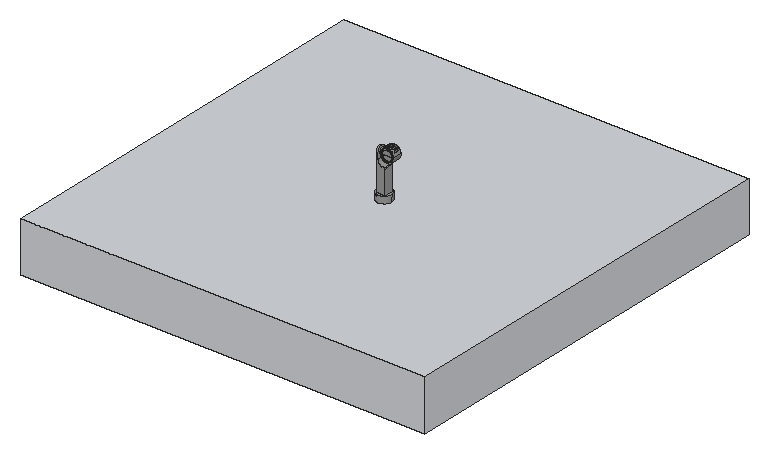
Revit family "LAMP_MICROSHOT GEAR", category Modelos genéricos, Revit 2015
Parameters (values of type "609LM 3000 MEDIUM FLOOD GR")
  Weight = 1.324 kg
  Type = "HI POWER NICHIA"
  Tilting [instance] = 0.00°
  Protection rating = "IP65 / IK06"
  Product datasheet = "http://www.lamp.es/product-files/TECH/MC209MF830NG-EN.pdf"
  Product code = "MC209MF830NG"
  Product URL = "http://www.lamp.es/en/family/shot_33486"
  Power Supply = "220-240V 50/60Hz"
  Power = 6 W
  Plum = 9.4 W
  Photometric web file = Cabeza Microshot : 609LM 3000 MEDIUM FLOOD
  Modelo = Product code  # "MC209MF830NG"
  Model explanation = "Availability of tilting between -30º and 90º when placed in a project."
  Material cuerpo = LAMP_Aluminio Shot
  Material cabeza = LAMP_Aluminio Shot
  Manufacturer name = "LAMP"
  Manufacturer country = "Spain"
  Manufacturer URL = "http://www.lamp.es/en"
  MacAdam = "3"
  Luminaire type = "Outdoor - Spotlight"
  Last update = "11/04/2019"
  Lamp = "HIGH POWER LED"
  LED Lifetime = "60.000 L90 B10"
  Insulation class = "II"
  Installation instructions = "http://www.lamp.es/product-files/INS/1003120-C-INSTR.%20MICRO%20SHOT.pdf"
  Initial intensity = 609 lm
  Initial color = 3000 K
  IEE = "A+"
  Height = 296 mm
  Gear = "Electronic"
  Finish = "Texturised grey"
  Fabricante = Manufacturer name  # "LAMP"
  Default Elevation = 1219.2 mm
  Efficacy = 64.8 lm/W
  Diameter = 80 mm
  Descripción = "MICRO SHOT G2 900 WW MFL GR."
  Comentarios de tipo = Model explanation  # "Availability of tilting between -30º and 90º when placed in a project."
  CRI = "80"
  Angulo inclinacion [instance] = if(Tilting > 90.00°, 180.00°, if(Tilting < -30.00°, 300.00°, -Tilting + 270.00°))  # 270.00°
Types (8, lengths in mm): name | Product datasheet | Product code | Photometric web file | Modelo | Material cuerpo | Material cabeza | Initial intensity | Initial color | Finish | Efficacy | Descripción
  609LM 3000 MEDIUM FLOOD ANT | "http://www.lamp.es/product-files/TECH/MC209MF830NA-EN.pdf" | "MC209MF830NA" | Cabeza Microshot : 609LM 3000 MEDIUM FLOOD | "MC209MF830NA" | LAMP_Aluminio Shot Antracita | LAMP_Aluminio Shot Antracita | 609 lm | 3000 K | "Textured anthracite grey" | 64.8 lm/W | "MICRO SHOT G2 900 WW MFL ANT."
  609LM 3000 MEDIUM FLOOD GR | "http://www.lamp.es/product-files/TECH/MC209MF830NG-EN.pdf" | "MC209MF830NG" | Cabeza Microshot : 609LM 3000 MEDIUM FLOOD | "MC209MF830NG" | LAMP_Aluminio Shot | LAMP_Aluminio Shot | 609 lm | 3000 K | "Texturised grey" | 64.8 lm/W | "MICRO SHOT G2 900 WW MFL GR."
  609LM 4000 MEDIUM FLOOD ANT | "http://www.lamp.es/product-files/TECH/MC209MF840NA-EN.pdf" | "MC209MF840NA" | Cabeza Microshot : 609LM 4000 MEDIUM FLOOD | "MC209MF840NA" | LAMP_Aluminio Shot Antracita | LAMP_Aluminio Shot Antracita | 609 lm | 4000 K | "Textured anthracite grey" | 64.8 lm/W | "MICRO SHOT G2 900 NW MFL ANT."
  609LM 4000 MEDIUM FLOOD GR | "http://www.lamp.es/product-files/TECH/MC209MF840NG-EN.pdf" | "MC209MF840NG" | Cabeza Microshot : 609LM 4000 MEDIUM FLOOD | "MC209MF840NG" | LAMP_Aluminio Shot | LAMP_Aluminio Shot | 609 lm | 4000 K | "Texturised grey" | 64.8 lm/W | "MICRO SHOT G2 900 NW MFL GR."
  720LM 3000 SPOT ANT | "http://www.lamp.es/product-files/TECH/MC209SP830NA-EN.pdf" | "MC209SP830NA" | Cabeza Microshot : 720LM 3000 SPOT | "MC209SP830NA" | LAMP_Aluminio Shot Antracita | LAMP_Aluminio Shot Antracita | 720 lm | 3000 K | "Textured anthracite grey" | 76.6 lm/W | "MICRO SHOT G2 900 WW SP ANT."
  720LM 3000 SPOT GR | "http://www.lamp.es/product-files/TECH/MC209SP830NG-EN.pdf" | "MC209SP830NG" | Cabeza Microshot : 720LM 3000 SPOT | "MC209SP830NG" | LAMP_Aluminio Shot | LAMP_Aluminio Shot | 720 lm | 3000 K | "Texturised grey" | 76.6 lm/W | "MICRO SHOT G2 900 WW SP GR."
  720LM 4000 SPOT ANT | "http://www.lamp.es/product-files/TECH/MC209SP840NA-EN.pdf" | "MC209SP840NA" | Cabeza Microshot : 720LM 4000 SPOT | "MC209SP840NA" | LAMP_Aluminio Shot Antracita | LAMP_Aluminio Shot Antracita | 720 lm | 4000 K | "Textured anthracite grey" | 76.6 lm/W | "MICRO SHOT G2 900 NW SP ANT."
  720LM 4000 SPOT GR | "http://www.lamp.es/product-files/TECH/MC209SP840NG-EN.pdf" | "MC209SP840NG" | Cabeza Microshot : 720LM 4000 SPOT | "MC209SP840NG" | LAMP_Aluminio Shot | LAMP_Aluminio Shot | 720 lm | 4000 K | "Texturised grey" | 76.6 lm/W | "MICRO SHOT G2 900 NW SP GR."
Reference planes
  plane 1 "Centro (Frontal/Posterior)": y = 0
  plane 2: z = 0
  plane 3 "Centro (Izquierda/Derecha)": x = 0
  plane 4: z = 256
Forms (mm)
  Extrusion 1, solid
    sketch origin (0, 0, 0) x (1, 0, 0) y (0, 1, 0)
      loop
        line (-1219.2, 1219.2) -> (-1219.2, -1219.2) -> (1219.2, -1219.2) -> (1219.2, 1219.2) -> (-1219.2, 1219.2)
    from 0 to -304.8
  Extrusion 2, solid, material "LAMP_Aluminio Shot" <- "Material cuerpo"
    sketch origin (0, 0, 0) x (1, 0, 0) y (0, 1, 0)
      loop
        circle (0, 0) r 47
    from 0 to 36.2
  Extrusion 3, solid, material "LAMP_Aluminio Shot" <- "Material cuerpo"
    sketch origin (0, 0, 0) x (1, 0, 0) y (0, 0, 1)
      loop
        line (-26, 36.2) -> (26, 36.2) -> (26, 185.2)
        arc (26, 185.2) -> (-3.246, 193.271) -> (-16, 220.8) r 36.088
        line (-16, 220.8) -> (-16, 288.019) -> (-26, 288.019) -> (-26, 36.2)
    from -25.5 to 25.5
  Extrusion 4, void
    sketch origin (0, 0, 31.7) x (0, 1, 0) y (0, 0, 1)
      loop
        line (25.5, 223.8) -> (26.5, 223.8) -> (26.5, 256.319) -> (-26.5, 256.319) -> (-26.5, 223.8) -> (-25.5, 223.8)
        arc (-25.5, 223.8) -> (0, 249.3) -> (25.5, 223.8) r 25.5
    from -26 to -16
  Extrusion 5, void
    sketch origin (0, 0, 31.7) x (0, 1, 0) y (0, 0, 1)
      loop
        circle (0, 224.3) r 19
    from -26 to -19.2
  Extrusion 6, void
    sketch origin (0, 0, 31.7) x (0, 1, 0) y (0, 0, 1)
      loop
        circle (0, 224.8) r 12.5
    from -26 to -12.755
  Extrusion 7, void
    sketch origin (0, 0, 0) x (1, 0, 0) y (0, 0, 1)
      loop
        arc (20.889, 184.721) -> (24.496, 183.297) -> (26, 179.723) r 5
        line (26, 179.723) -> (27.028, 179.723) -> (27.028, 186.672) -> (20.889, 186.672) -> (20.889, 184.721)
    from -25.5 to 25.5
  Extrusion 8, solid, material "LAMP_Aluminio Shot" <- "Material cuerpo"
    sketch origin (0, 0, 0) x (0, 1, 0) y (0, 0, 1)
      loop
        line (21.296, 44.337) -> (21.296, 58.41)
        arc (21.296, 58.41) -> (20.472, 59.234) -> (19.647, 58.41) r 0.824
        line (19.647, 58.41) -> (19.647, 45.952)
        arc (19.647, 45.952) -> (19.433, 45.434) -> (18.915, 45.22) r 0.733
        line (18.915, 45.22) -> (17.19, 45.22)
        arc (17.19, 45.22) -> (16.744, 45.362) -> (16.464, 45.738) r 0.768
        line (16.464, 45.738) -> (12.215, 58.093)
        arc (12.215, 58.093) -> (10.738, 59.147) -> (9.262, 58.093) r 1.561
        line (9.262, 58.093) -> (5.055, 45.86)
        arc (5.055, 45.86) -> (4.004, 45.235) -> (3.214, 46.168) r 0.946
        line (3.214, 46.168) -> (3.214, 57.629)
        arc (3.214, 57.629) -> (2.018, 59.291) -> (0.062, 58.685) r 1.753
        line (0.062, 58.685) -> (-2.569, 56.055) -> (-5.199, 58.685)
        arc (-5.199, 58.685) -> (-7.155, 59.291) -> (-8.351, 57.629) r 1.753
        line (-8.351, 57.629) -> (-8.351, 45.982)
        arc (-8.351, 45.982) -> (-8.575, 45.443) -> (-9.113, 45.22) r 0.762
        line (-9.113, 45.22) -> (-10.809, 45.22)
        arc (-10.809, 45.22) -> (-11.351, 45.444) -> (-11.575, 45.986) r 0.766
        line (-11.575, 45.986) -> (-11.575, 58.381)
        arc (-11.575, 58.381) -> (-11.8, 58.922) -> (-12.341, 59.147) r 0.766
        line (-12.341, 59.147) -> (-19.044, 59.147)
        arc (-19.044, 59.147) -> (-19.592, 58.92) -> (-19.819, 58.371) r 0.776
        line (-19.819, 58.371) -> (-19.819, 52.466)
        arc (-19.819, 52.466) -> (-19.603, 51.944) -> (-19.08, 51.727) r 0.739
        line (-19.08, 51.727) -> (-14.242, 51.727)
        arc (-14.242, 51.727) -> (-13.418, 52.552) -> (-14.242, 53.376) r 0.824
        line (-14.242, 53.376) -> (-17.413, 53.376)
        arc (-17.413, 53.376) -> (-17.949, 53.598) -> (-18.171, 54.134) r 0.758
        line (-18.171, 54.134) -> (-18.171, 56.736)
        arc (-18.171, 56.736) -> (-17.947, 57.275) -> (-17.408, 57.498) r 0.762
        line (-17.408, 57.498) -> (-13.965, 57.498)
        arc (-13.965, 57.498) -> (-13.441, 57.281) -> (-13.224, 56.758) r 0.74
        line (-13.224, 56.758) -> (-13.224, 44.358)
        arc (-13.224, 44.358) -> (-13, 43.816) -> (-12.458, 43.592) r 0.766
        line (-12.458, 43.592) -> (-7.382, 43.592)
        arc (-7.382, 43.592) -> (-6.881, 43.799) -> (-6.674, 44.3) r 0.708
        line (-6.674, 44.3) -> (-6.674, 57.393) -> (-2.569, 53.288) -> (1.537, 57.393) -> (1.537, 44.425)
        arc (1.537, 44.425) -> (1.75, 43.91) -> (2.265, 43.696) r 0.729
        line (2.265, 43.696) -> (5.535, 43.696)
        arc (5.535, 43.696) -> (5.958, 43.832) -> (6.223, 44.187) r 0.727
        line (6.223, 44.187) -> (10.738, 57.31) -> (15.278, 44.115)
        arc (15.278, 44.115) -> (15.561, 43.736) -> (16.011, 43.592) r 0.775
        line (16.011, 43.592) -> (20.551, 43.592)
        arc (20.551, 43.592) -> (21.078, 43.81) -> (21.296, 44.337) r 0.745
    from -27 to -26
Cuts and joins
  Extrusion 4, Extrusion 5, Extrusion 6, Extrusion 7 cuts Extrusion 3
Lines and regions (mm)
  reference lines
    curve 1: line (0, 0, 256) -> (0, 100, 256)
Text (mm)
  text "Any modification of the parameters and properties of the LAMP BIM models must be executed and validated by the LAMP technical department.\n\nPhone: +34 93 736 68 00\n\nE-mail: lamp@lamp.es\n\n\n\nLAMP reserves the right to modify the technical specifications of its products." at (15879.663, 19680.039, -8004.205), in view "Preview"
Dimensions and locks
  "Angulo inclinacion": angle plane 1 "Centro (Frontal/Posterior)" to curve 1
  aligned and locked: plane 2 to Extrusion 1
  aligned and locked: level to Extrusion 1
  aligned and locked: plane 1 "Centro (Frontal/Posterior)" to curve 1
  aligned and locked: plane 4 to curve 1
Automatic sketch dimensions
  Extrusion 1 sketch curve to Extrusion 1 sketch curve = 2438.4 mm  (x2)
  plane 1 "Centro (Frontal/Posterior)" to Extrusion 2 sketch curve = 0 mm
  Extrusion 2 sketch curve to plane 3 "Centro (Izquierda/Derecha)" = 0 mm
  Extrusion 3 sketch curve to plane 3 "Centro (Izquierda/Derecha)" = 26 mm
  Extrusion 3 sketch curve to Extrusion 3 sketch curve = 10 mm
  plane 3 "Centro (Izquierda/Derecha)" to Extrusion 3 sketch curve = 20.088 mm
  plane 3 "Centro (Izquierda/Derecha)" to Extrusion 3 sketch curve = 26 mm
  level to Extrusion 3 sketch curve = 36.2 mm
  plane 4 to Extrusion 3 sketch curve = 70.8 mm
  Extrusion 3 sketch curve to plane 4 = 32.019 mm
  Extrusion 4 sketch curve to plane 1 "Centro (Frontal/Posterior)" = 0 mm
  plane 4 to Extrusion 4 sketch curve = 0.5 mm
  plane 1 "Centro (Frontal/Posterior)" to Extrusion 4 sketch curve = 25.5 mm
  Extrusion 4 sketch curve to Extrusion 4 sketch curve = 1 mm
  Extrusion 4 sketch curve to plane 1 "Centro (Frontal/Posterior)" = 26.5 mm
  Extrusion 4 sketch curve to plane 4 = 32.019 mm
  Extrusion 5 sketch curve to plane 1 "Centro (Frontal/Posterior)" = 0 mm
  plane 4 to Extrusion 5 sketch curve = 0 mm
  Extrusion 6 sketch curve to plane 1 "Centro (Frontal/Posterior)" = 0 mm
  Extrusion 6 sketch curve to plane 4 = 0.5 mm
  plane 3 "Centro (Izquierda/Derecha)" to Extrusion 7 sketch curve = 20.889 mm
  Extrusion 7 sketch curve to Extrusion 7 sketch curve = 0.111 mm
  Extrusion 7 sketch curve to Extrusion 7 sketch curve = 5 mm
  Extrusion 7 sketch curve to Extrusion 7 sketch curve = 1.028 mm
  plane 4 to Extrusion 7 sketch curve = 76.277 mm
  Extrusion 7 sketch curve to Extrusion 7 sketch curve = 1.951 mm
  plane 1 "Centro (Frontal/Posterior)" to Extrusion 8 sketch curve = 19.819 mm
  Extrusion 8 sketch curve to Extrusion 8 sketch curve = 0.739 mm
  Extrusion 8 sketch curve to Extrusion 8 sketch curve = 0.776 mm
  Extrusion 8 sketch curve to Extrusion 8 sketch curve = 0.91 mm
  Extrusion 8 sketch curve to Extrusion 8 sketch curve = 0.758 mm
  Extrusion 8 sketch curve to Extrusion 8 sketch curve = 0.762 mm  (x2)
  Extrusion 8 sketch curve to Extrusion 8 sketch curve = 3.171 mm
  Extrusion 8 sketch curve to Extrusion 8 sketch curve = 3.444 mm
  Extrusion 8 sketch curve to Extrusion 8 sketch curve = 1.018 mm
  Extrusion 8 sketch curve to Extrusion 8 sketch curve = 0.766 mm  (x3)
  Extrusion 8 sketch curve to Extrusion 8 sketch curve = 1.623 mm
  Extrusion 8 sketch curve to Extrusion 8 sketch curve = 1.696 mm
  Extrusion 8 sketch curve to Extrusion 8 sketch curve = 1.732 mm
  Extrusion 8 sketch curve to Extrusion 8 sketch curve = 1.677 mm  (x2)
  Extrusion 8 sketch curve to Extrusion 8 sketch curve = 0.076 mm  (x2)
  Extrusion 8 sketch curve to Extrusion 8 sketch curve = 1.399 mm
  plane 1 "Centro (Frontal/Posterior)" to Extrusion 8 sketch curve = 2.569 mm  (x2)
  Extrusion 8 sketch curve to plane 1 "Centro (Frontal/Posterior)" = 0.062 mm
  Extrusion 8 sketch curve to plane 1 "Centro (Frontal/Posterior)" = 1.461 mm
  Extrusion 8 sketch curve to Extrusion 8 sketch curve = 0.729 mm
  Extrusion 8 sketch curve to Extrusion 8 sketch curve = 0.946 mm
  Extrusion 8 sketch curve to Extrusion 8 sketch curve = 0.895 mm
  Extrusion 8 sketch curve to Extrusion 8 sketch curve = 0.48 mm
  Extrusion 8 sketch curve to Extrusion 8 sketch curve = 0.688 mm
  Extrusion 8 sketch curve to Extrusion 8 sketch curve = 6.048 mm
  Extrusion 8 sketch curve to Extrusion 8 sketch curve = 1.476 mm  (x2)
  Extrusion 8 sketch curve to Extrusion 8 sketch curve = 0 mm
  Extrusion 8 sketch curve to Extrusion 8 sketch curve = 9.055 mm
  Extrusion 8 sketch curve to Extrusion 8 sketch curve = 0.733 mm
  Extrusion 8 sketch curve to Extrusion 8 sketch curve = 0.453 mm
  Extrusion 8 sketch curve to Extrusion 8 sketch curve = 0.727 mm
  Extrusion 8 sketch curve to Extrusion 8 sketch curve = 1.725 mm
  Extrusion 8 sketch curve to Extrusion 8 sketch curve = 7.433 mm
  Extrusion 8 sketch curve to Extrusion 8 sketch curve = 0.824 mm  (x2)
  Extrusion 8 sketch curve to Extrusion 8 sketch curve = 0.745 mm
  level to Extrusion 8 sketch curve = 43.592 mm
  Extrusion 8 sketch curve to Extrusion 8 sketch curve = 0.708 mm
  Extrusion 8 sketch curve to Extrusion 8 sketch curve = 0.603 mm
  Extrusion 8 sketch curve to Extrusion 8 sketch curve = 0.523 mm
  Extrusion 8 sketch curve to Extrusion 8 sketch curve = 0.491 mm
  Extrusion 8 sketch curve to Extrusion 8 sketch curve = 0.92 mm
  Extrusion 8 sketch curve to Extrusion 8 sketch curve = 0.882 mm
  Extrusion 8 sketch curve to Extrusion 8 sketch curve = 0.519 mm
  Extrusion 8 sketch curve to Extrusion 8 sketch curve = 1.437 mm
  Extrusion 8 sketch curve to Extrusion 8 sketch curve = 5.741 mm
  Extrusion 8 sketch curve to Extrusion 8 sketch curve = 7.12 mm
  Extrusion 8 sketch curve to Extrusion 8 sketch curve = 2.767 mm
  Extrusion 8 sketch curve to Extrusion 8 sketch curve = 2.602 mm
  Extrusion 8 sketch curve to Extrusion 8 sketch curve = 11.45 mm
  Extrusion 8 sketch curve to Extrusion 8 sketch curve = 1.338 mm
  Extrusion 8 sketch curve to Extrusion 8 sketch curve = 0.276 mm
  Extrusion 8 sketch curve to Extrusion 8 sketch curve = 0.236 mm
  Extrusion 8 sketch curve to Extrusion 8 sketch curve = 0.508 mm
  Extrusion 8 sketch curve to Extrusion 8 sketch curve = 1.635 mm
  Extrusion 8 sketch curve to Extrusion 8 sketch curve = 0.317 mm
  radius of Extrusion 2 sketch curve = 47 mm
  radius of Extrusion 5 sketch curve = 19 mm
  radius of Extrusion 6 sketch curve = 12.5 mm
Nested families
  nested 1: "Cabeza Microshot" at (37, -1544.868, 255.95) x (1, 0, 0) z (0, 1, 0), type <- "Photometric web file", type "609LM 3000 MEDIUM FLOOD"
Connectors
  electrical at (37, 23.132, 255.95)
    settings: on nested 1, index 1, voltage 230 V, apparent load 0 VA, apparent load phase1 0 VA, apparent load phase2 0 VA, apparent load phase3 0 VA, power factor 1, load classification "Otro", number of poles 1, system type 31, power factor state 1, is connector primary yes, connector utility no, sub classification motor no, connector description ""
Definition of nested family "Cabeza Microshot"
  Parameters (values of type "609LM 3000 MEDIUM FLOOD")
    Tilt Angle = 90.00°
    Wattage = 9.4 W
    built-in parameter 1150110 = 1 (stored number, unit not read)
    Material cristal serigrafiado = none
    Material cristal = none
    Material cabeza = none
    built-in parameter 1114217 = 1 (stored number, unit not read)
    built-in parameter 1150109 = 1 (stored number, unit not read)
    Default Elevation = 1219.2 mm
    Dist. Luz = 20 mm
    built-in parameter 1150134 = (empty or 0)
    built-in parameter 1150113 = 1 (stored number, unit not read)
    Lumens = 609.12 lm
    built-in parameter 1150115 = 1 (stored number, unit not read)
    built-in parameter 1150105 = 48.472 (stored number, unit not read)
    built-in parameter 1150137 = (empty or 0)
    built-in parameter 1150139 = (empty or 0)
    built-in parameter 1150112 = 1 (stored number, unit not read)
    built-in parameter 1150114 = 1 (stored number, unit not read)
    built-in parameter 1150132 = 2
    built-in parameter 1150102 = (empty or 0)
    built-in parameter 1150138 = (empty or 0)
    built-in parameter 1150107 = 3000 (stored number, unit not read)
    built-in parameter 1150106 = 0.48472 (stored number, unit not read)
    built-in parameter 1150104 = 6.0201 (stored number, unit not read)
    Dimming Lamp Color Temperature Shift = (empty or 0)
    Color Filter = 16777215
    built-in parameter 1114218 = 1 (stored number, unit not read)
    Photometric Web File = "MC209MF830NA.IES"
    built-in parameter 1150133 = 10 (stored number, unit not read)
  Types (5, lengths in mm): name | built-in parameter 1150134 | Lumens | built-in parameter 1150105 | built-in parameter 1150107 | built-in parameter 1150106 | built-in parameter 1150104 | Photometric Web File
    (no name) | (empty or 0) | 609.12 lm | 48.472 (stored number, unit not read) | 3000 (stored number, unit not read) | 0.48472 (stored number, unit not read) | 6.0201 (stored number, unit not read) | "MC209MF830NA.IES"
    609LM 3000 MEDIUM FLOOD | (empty or 0) | 609.12 lm | 48.472 (stored number, unit not read) | 3000 (stored number, unit not read) | 0.48472 (stored number, unit not read) | 6.0201 (stored number, unit not read) | "MC209MF830NA.IES"
    609LM 4000 MEDIUM FLOOD | 12 | 609.12 lm | 48.472 (stored number, unit not read) | 4000 (stored number, unit not read) | 0.48472 (stored number, unit not read) | 6.0201 (stored number, unit not read) | "MC209MF840NA.IES"
    720LM 3000 SPOT | (empty or 0) | 720.04 lm | 2046 (stored number, unit not read) | 3000 (stored number, unit not read) | 20.46 (stored number, unit not read) | 7.1164 (stored number, unit not read) | "MC209SP830NA.IES"
    720LM 4000 SPOT | 12 | 720.04 lm | 2046 (stored number, unit not read) | 4000 (stored number, unit not read) | 20.46 (stored number, unit not read) | 7.1164 (stored number, unit not read) | "MC209SP840NA.IES"
  Reference planes
    plane 1 "Eje de origen de luz (F/P)": y = 0
    plane 2: z = 0
    plane 3 "Eje de origen de luz (I/D)": x = 0
    plane 4 "Elevación de origen de luz": z = 1500
    plane 5: z = 1520
  Forms (mm)
    Revolve 1, solid, material <- "Material cabeza"
      sketch origin (0, 0, 0) x (1, 0, 0) y (0, 0, 1)
        loop
          line (-40, 1520) -> (-38, 1520) -> (-38, 1525) -> (0, 1525) -> (0, 1570) -> (-40, 1570) -> (-40, 1520)
        axis (0, 1520) -> (0, 1570)
      angle from 0 to 360
    Extrusion 2, void
      sketch origin (-487.683, -5000, 1520) x (0, -1, 0) y (-1, 0, 0)
        loop
          line (-4980.817, -452.583) -> (-5019.183, -452.583) -> (-5025.264, -452.583) -> (-5025.264, -455.883) -> (-5024.264, -455.883) -> (-4975.736, -455.883) -> (-4974.736, -455.883) -> (-4974.736, -452.583) -> (-4980.817, -452.583)
        loop
          line (-4971.731, -459.383) -> (-5028.269, -459.383) -> (-5032.225, -459.383) -> (-5032.225, -462.683) -> (-5031.225, -462.683) -> (-4968.775, -462.683) -> (-4967.775, -462.683) -> (-4967.775, -459.383) -> (-4971.731, -459.383)
        loop
          line (-4966.398, -465.983) -> (-5033.602, -465.983) -> (-5036.5, -465.983) -> (-5036.5, -469.283) -> (-4964.483, -469.283) -> (-4963.483, -469.283) -> (-4963.483, -465.983) -> (-4966.398, -465.983)
        loop
          circle (-5000, -487.683) r 9.5
        loop
          line (-4960.8, -472.583) -> (-5037.04, -472.583) -> (-5039.2, -472.583) -> (-5039.2, -475.883) -> (-4960.8, -475.883) -> (-4960.8, -472.583)
        loop
          line (-4980.817, -522.783) -> (-4974.736, -522.783) -> (-4974.736, -519.483) -> (-4975.736, -519.483) -> (-5024.264, -519.483) -> (-5025.264, -519.483) -> (-5025.264, -522.783) -> (-5019.183, -522.783) -> (-4980.817, -522.783)
        loop
          line (-4971.731, -515.983) -> (-4967.775, -515.983) -> (-4967.775, -512.683) -> (-4968.775, -512.683) -> (-5031.225, -512.683) -> (-5032.225, -512.683) -> (-5032.225, -515.983) -> (-5028.269, -515.983) -> (-4971.731, -515.983)
        loop
          line (-4966.398, -509.383) -> (-4963.483, -509.383) -> (-4963.483, -506.083) -> (-4964.483, -506.083) -> (-5036.5, -506.083) -> (-5036.5, -509.383) -> (-5033.602, -509.383) -> (-4966.398, -509.383)
        loop
          line (-4960.8, -502.783) -> (-4960.8, -499.483) -> (-5039.2, -499.483) -> (-5039.2, -502.783) -> (-5037.04, -502.783) -> (-4960.8, -502.783)
        loop
          line (-5039.086, -479.183) -> (-5040.637, -479.183) -> (-5040.637, -482.483) -> (-5010.537, -482.483)
          arc (-5010.537, -482.483) -> (-5009.469, -480.726) -> (-5008.112, -479.183) r 11.75
          line (-5008.112, -479.183) -> (-5039.086, -479.183)
        loop
          line (-5039.086, -496.183) -> (-5008.112, -496.183)
          arc (-5008.112, -496.183) -> (-5009.469, -494.639) -> (-5010.537, -492.883) r 11.75
          line (-5010.537, -492.883) -> (-5040.637, -492.883) -> (-5040.637, -496.183) -> (-5039.086, -496.183)
        loop
          line (-4960.914, -479.183) -> (-4991.888, -479.183)
          arc (-4991.888, -479.183) -> (-4990.531, -480.726) -> (-4989.463, -482.483) r 11.75
          line (-4989.463, -482.483) -> (-4959.363, -482.483) -> (-4959.363, -479.183) -> (-4960.914, -479.183)
        loop
          line (-4960.914, -496.183) -> (-4959.363, -496.183) -> (-4959.363, -492.883) -> (-4989.463, -492.883)
          arc (-4989.463, -492.883) -> (-4990.531, -494.639) -> (-4991.888, -496.183) r 11.75
          line (-4991.888, -496.183) -> (-4960.914, -496.183)
        loop
          line (-5040.637, -485.783) -> (-5040.637, -489.083) -> (-5011.666, -489.083)
          arc (-5011.666, -489.083) -> (-5011.747, -487.43) -> (-5011.595, -485.783) r 11.75
          line (-5011.595, -485.783) -> (-5040.637, -485.783)
        loop
          line (-4959.363, -485.783) -> (-4988.405, -485.783)
          arc (-4988.405, -485.783) -> (-4988.253, -487.43) -> (-4988.334, -489.083) r 11.75
          line (-4988.334, -489.083) -> (-4959.363, -489.083) -> (-4959.363, -485.783)
      from -50 to -48
    Extrusion 3, void
      sketch origin (-487.683, -5000, 1520) x (0, -1, 0) y (-1, 0, 0)
        loop
          line (-5024.264, -455.883) -> (-5020.803, -455.883)
          arc (-5020.803, -455.883) -> (-5017.758, -454.087) -> (-5014.56, -452.583) r 38
          line (-5014.56, -452.583) -> (-5019.183, -452.583)
          arc (-5019.183, -452.583) -> (-5021.786, -454.136) -> (-5024.264, -455.883) r 40
        loop
          line (-5031.253, -462.683) -> (-5028.618, -462.683)
          arc (-5028.618, -462.683) -> (-5027.039, -460.983) -> (-5025.36, -459.383) r 38
          line (-5025.36, -459.383) -> (-5028.3, -459.383)
          arc (-5028.3, -459.383) -> (-5029.822, -460.992) -> (-5031.253, -462.683) r 40.022
        loop
          arc (-5033.602, -465.983) -> (-5034.599, -467.61) -> (-5035.517, -469.283) r 40
          line (-5035.517, -469.283) -> (-5033.248, -469.283)
          arc (-5033.248, -469.283) -> (-5032.264, -467.607) -> (-5031.195, -465.983) r 38
          line (-5031.195, -465.983) -> (-5033.602, -465.983)
        loop
          arc (-5037.04, -472.583) -> (-5037.666, -474.22) -> (-5038.22, -475.883) r 40
          line (-5038.22, -475.883) -> (-5036.121, -475.883)
          arc (-5036.121, -475.883) -> (-5035.535, -474.218) -> (-5034.871, -472.583) r 38
          line (-5034.871, -472.583) -> (-5037.04, -472.583)
        loop
          arc (-5039.086, -479.183) -> (-5039.408, -480.827) -> (-5039.661, -482.483) r 40
          line (-5039.661, -482.483) -> (-5037.643, -482.483)
          arc (-5037.643, -482.483) -> (-5037.376, -480.826) -> (-5037.037, -479.183) r 38
          line (-5037.037, -479.183) -> (-5039.086, -479.183)
        loop
          arc (-5039.955, -485.783) -> (-5039.999, -487.433) -> (-5039.975, -489.083) r 40
          line (-5039.975, -489.083) -> (-5037.974, -489.083)
          arc (-5037.974, -489.083) -> (-5037.999, -487.433) -> (-5037.952, -485.783) r 38
          line (-5037.952, -485.783) -> (-5039.955, -485.783)
        loop
          arc (-5024.264, -519.483) -> (-5021.786, -521.229) -> (-5019.183, -522.783) r 40
          line (-5019.183, -522.783) -> (-5014.56, -522.783)
          arc (-5014.56, -522.783) -> (-5017.758, -521.278) -> (-5020.803, -519.483) r 38
          line (-5020.803, -519.483) -> (-5024.264, -519.483)
        loop
          arc (-5031.253, -512.683) -> (-5029.822, -514.374) -> (-5028.3, -515.983) r 40.022
          line (-5028.3, -515.983) -> (-5025.36, -515.983)
          arc (-5025.36, -515.983) -> (-5027.039, -514.383) -> (-5028.618, -512.683) r 38
          line (-5028.618, -512.683) -> (-5031.253, -512.683)
        loop
          line (-5033.602, -509.383) -> (-5031.195, -509.383)
          arc (-5031.195, -509.383) -> (-5032.264, -507.759) -> (-5033.248, -506.083) r 38
          line (-5033.248, -506.083) -> (-5035.517, -506.083)
          arc (-5035.517, -506.083) -> (-5034.599, -507.756) -> (-5033.602, -509.383) r 40
        loop
          line (-5037.04, -502.783) -> (-5034.871, -502.783)
          arc (-5034.871, -502.783) -> (-5035.535, -501.147) -> (-5036.121, -499.483) r 38
          line (-5036.121, -499.483) -> (-5038.22, -499.483)
          arc (-5038.22, -499.483) -> (-5037.666, -501.146) -> (-5037.04, -502.783) r 40
        loop
          line (-5039.086, -496.183) -> (-5037.037, -496.183)
          arc (-5037.037, -496.183) -> (-5037.376, -494.539) -> (-5037.643, -492.883) r 38
          line (-5037.643, -492.883) -> (-5039.661, -492.883)
          arc (-5039.661, -492.883) -> (-5039.408, -494.539) -> (-5039.086, -496.183) r 40
        loop
          arc (-4975.736, -455.883) -> (-4978.214, -454.136) -> (-4980.817, -452.583) r 40
          line (-4980.817, -452.583) -> (-4985.44, -452.583)
          arc (-4985.44, -452.583) -> (-4982.242, -454.087) -> (-4979.197, -455.883) r 38
          line (-4979.197, -455.883) -> (-4975.736, -455.883)
        loop
          arc (-4968.747, -462.683) -> (-4970.178, -460.992) -> (-4971.7, -459.383) r 40.022
          line (-4971.7, -459.383) -> (-4974.64, -459.383)
          arc (-4974.64, -459.383) -> (-4972.961, -460.983) -> (-4971.382, -462.683) r 38
          line (-4971.382, -462.683) -> (-4968.747, -462.683)
        loop
          line (-4966.398, -465.983) -> (-4968.805, -465.983)
          arc (-4968.805, -465.983) -> (-4967.736, -467.607) -> (-4966.752, -469.283) r 38
          line (-4966.752, -469.283) -> (-4964.483, -469.283)
          arc (-4964.483, -469.283) -> (-4965.401, -467.61) -> (-4966.398, -465.983) r 40
        loop
          line (-4962.96, -472.583) -> (-4965.129, -472.583)
          arc (-4965.129, -472.583) -> (-4964.465, -474.218) -> (-4963.879, -475.883) r 38
          line (-4963.879, -475.883) -> (-4961.78, -475.883)
          arc (-4961.78, -475.883) -> (-4962.334, -474.22) -> (-4962.96, -472.583) r 40
        loop
          line (-4960.914, -479.183) -> (-4962.963, -479.183)
          arc (-4962.963, -479.183) -> (-4962.624, -480.826) -> (-4962.357, -482.483) r 38
          line (-4962.357, -482.483) -> (-4960.339, -482.483)
          arc (-4960.339, -482.483) -> (-4960.592, -480.827) -> (-4960.914, -479.183) r 40
        loop
          line (-4960.045, -485.783) -> (-4962.048, -485.783)
          arc (-4962.048, -485.783) -> (-4962.001, -487.433) -> (-4962.026, -489.083) r 38
          line (-4962.026, -489.083) -> (-4960.025, -489.083)
          arc (-4960.025, -489.083) -> (-4960.001, -487.433) -> (-4960.045, -485.783) r 40
        loop
          line (-4975.736, -519.483) -> (-4979.197, -519.483)
          arc (-4979.197, -519.483) -> (-4982.242, -521.278) -> (-4985.44, -522.783) r 38
          line (-4985.44, -522.783) -> (-4980.817, -522.783)
          arc (-4980.817, -522.783) -> (-4978.214, -521.229) -> (-4975.736, -519.483) r 40
        loop
          line (-4968.747, -512.683) -> (-4971.382, -512.683)
          arc (-4971.382, -512.683) -> (-4972.961, -514.383) -> (-4974.64, -515.983) r 38
          line (-4974.64, -515.983) -> (-4971.7, -515.983)
          arc (-4971.7, -515.983) -> (-4970.178, -514.374) -> (-4968.747, -512.683) r 40.022
        loop
          arc (-4966.398, -509.383) -> (-4965.401, -507.756) -> (-4964.483, -506.083) r 40
          line (-4964.483, -506.083) -> (-4966.752, -506.083)
          arc (-4966.752, -506.083) -> (-4967.736, -507.759) -> (-4968.805, -509.383) r 38
          line (-4968.805, -509.383) -> (-4966.398, -509.383)
        loop
          arc (-4962.96, -502.783) -> (-4962.334, -501.146) -> (-4961.78, -499.483) r 40
          line (-4961.78, -499.483) -> (-4963.879, -499.483)
          arc (-4963.879, -499.483) -> (-4964.465, -501.147) -> (-4965.129, -502.783) r 38
          line (-4965.129, -502.783) -> (-4962.96, -502.783)
        loop
          arc (-4960.914, -496.183) -> (-4960.592, -494.539) -> (-4960.339, -492.883) r 40
          line (-4960.339, -492.883) -> (-4962.357, -492.883)
          arc (-4962.357, -492.883) -> (-4962.624, -494.539) -> (-4962.963, -496.183) r 38
          line (-4962.963, -496.183) -> (-4960.914, -496.183)
      from -48 to -12
    Revolve 4, solid, material <- "Material cabeza"
      sketch origin (0, 0, 0) x (1, 0, 0) y (0, 0, 1)
        loop
          line (-36.986, 1545) -> (-36.986, 1563.5) -> (-53, 1563.5) -> (-53, 1545) -> (-36.986, 1545)
        axis (-53, 1545) -> (-36.986, 1545)
      angle from 0 to 360
    Revolve 5, solid, material <- "Material cristal serigrafiado"
      sketch origin (0, 0, 0) x (1, 0, 0) y (0, 0, 1)
        loop
          line (-30, 1520) -> (-30, 1525) -> (-38, 1525) -> (-38, 1520) -> (-30, 1520)
        axis (0, 1520) -> (0, 1525)
      angle from 0 to 360
    Revolve 6, solid, material <- "Material cristal"
      sketch origin (0, 0, 0) x (1, 0, 0) y (0, 0, 1)
        loop
          line (-30, 1525) -> (-30, 1520) -> (0, 1520) -> (0, 1525) -> (-30, 1525)
        axis (0, 1525) -> (0, 1520)
      angle from 0 to 360
  Cuts and joins
    Extrusion 2, Extrusion 3 cuts Revolve 1
    joined: Revolve 1, Revolve 4
  Dimensions and locks
    "Dist. Luz": plane 5 to plane 4 "Elevación de origen de luz"
    aligned and locked: plane 3 "Eje de origen de luz (I/D)" to imposter light
    aligned and locked: plane 1 "Eje de origen de luz (F/P)" to imposter light
    aligned and locked: plane 4 "Elevación de origen de luz" to imposter light
    aligned and locked: level to plane 2
  Automatic sketch dimensions
    Revolve 1 sketch curve to plane 5 = 0 mm
    Revolve 1 sketch curve to plane 3 "Eje de origen de luz (I/D)" = 0 mm
    Revolve 1 sketch curve to plane 3 "Eje de origen de luz (I/D)" = 38 mm
    Revolve 1 sketch curve to Revolve 1 sketch curve = 2 mm
    Revolve 1 sketch curve to Revolve 1 sketch curve = 5 mm
    Revolve 1 sketch curve to Revolve 1 sketch curve = 45 mm
    Extrusion 2 sketch curve to Extrusion 2 sketch curve = 0 mm  (x43)
    plane 1 "Eje de origen de luz (F/P)" to Extrusion 2 sketch curve = 0 mm
    Extrusion 2 sketch curve to plane 3 "Eje de origen de luz (I/D)" = 0 mm
    Extrusion 2 sketch curve to plane 1 "Eje de origen de luz (F/P)" = 8.112 mm  (x2)
    Extrusion 2 sketch curve to Extrusion 2 sketch curve = 2.424 mm  (x4)
    Extrusion 2 sketch curve to Extrusion 2 sketch curve = 1.059 mm  (x2)
    plane 3 "Eje de origen de luz (I/D)" to Extrusion 2 sketch curve = 1.4 mm  (x2)
    Extrusion 2 sketch curve to Extrusion 2 sketch curve = 0.071 mm  (x2)
    Extrusion 2 sketch curve to plane 1 "Eje de origen de luz (F/P)" = 19.183 mm  (x2)
    Extrusion 2 sketch curve to Extrusion 2 sketch curve = 5.081 mm  (x4)
    Extrusion 2 sketch curve to Extrusion 2 sketch curve = 1 mm  (x10)
    Extrusion 2 sketch curve to Extrusion 2 sketch curve = 3.004 mm  (x4)
    Extrusion 2 sketch curve to Extrusion 2 sketch curve = 2.956 mm  (x4)
    Extrusion 2 sketch curve to Extrusion 2 sketch curve = 1.377 mm  (x4)
    Extrusion 2 sketch curve to Extrusion 2 sketch curve = 2.898 mm  (x2)
    Extrusion 2 sketch curve to Extrusion 2 sketch curve = 0.54 mm  (x2)
    Extrusion 2 sketch curve to Extrusion 2 sketch curve = 2.046 mm  (x2)
    Extrusion 2 sketch curve to Extrusion 2 sketch curve = 2.16 mm  (x2)
    Extrusion 2 sketch curve to Extrusion 2 sketch curve = 1.55 mm  (x5)
    plane 1 "Eje de origen de luz (F/P)" to Extrusion 2 sketch curve = 8.112 mm  (x2)
    plane 1 "Eje de origen de luz (F/P)" to Extrusion 2 sketch curve = 19.183 mm  (x2)
    Extrusion 2 sketch curve to Extrusion 2 sketch curve = 1.915 mm  (x2)
    Extrusion 2 sketch curve to Extrusion 2 sketch curve = 2.57 mm  (x2)
    Extrusion 2 sketch curve to Extrusion 2 sketch curve = 0.114 mm
    Extrusion 2 sketch curve to Extrusion 2 sketch curve = 2.683 mm
    Extrusion 2 sketch curve to Extrusion 2 sketch curve = 3.3 mm  (x16)
    Extrusion 2 sketch curve to Extrusion 2 sketch curve = 3.5 mm  (x2)
    Extrusion 2 sketch curve to Extrusion 2 sketch curve = 3.8 mm  (x2)
    Extrusion 3 sketch curve to Extrusion 3 sketch curve = 0 mm  (x1892)
    plane 1 "Eje de origen de luz (F/P)" to Extrusion 3 sketch curve = 0 mm
    Extrusion 3 sketch curve to plane 3 "Eje de origen de luz (I/D)" = 0 mm
    Extrusion 3 sketch curve to plane 1 "Eje de origen de luz (F/P)" = 14.56 mm  (x2)
    Extrusion 3 sketch curve to Extrusion 3 sketch curve = 4.623 mm  (x4)
    Extrusion 3 sketch curve to Extrusion 3 sketch curve = 1.62 mm  (x4)
    Extrusion 3 sketch curve to Extrusion 3 sketch curve = 1.095 mm  (x4)
    Extrusion 3 sketch curve to Extrusion 3 sketch curve = 2.94 mm  (x4)
    Extrusion 3 sketch curve to Extrusion 3 sketch curve = 0.318 mm  (x4)
    Extrusion 3 sketch curve to Extrusion 3 sketch curve = 0.059 mm  (x4)
    Extrusion 3 sketch curve to Extrusion 3 sketch curve = 2.053 mm  (x4)
    Extrusion 3 sketch curve to Extrusion 3 sketch curve = 2.408 mm  (x4)
    Extrusion 3 sketch curve to Extrusion 3 sketch curve = 0.646 mm  (x4)
    Extrusion 3 sketch curve to Extrusion 3 sketch curve = 1.25 mm  (x4)
    Extrusion 3 sketch curve to Extrusion 3 sketch curve = 0.916 mm  (x4)
    Extrusion 3 sketch curve to Extrusion 3 sketch curve = 2.169 mm  (x4)
    Extrusion 3 sketch curve to Extrusion 3 sketch curve = 0.605 mm  (x4)
    Extrusion 3 sketch curve to Extrusion 3 sketch curve = 0.31 mm  (x2)
    plane 3 "Eje de origen de luz (I/D)" to Extrusion 3 sketch curve = 1.4 mm  (x2)
    Extrusion 3 sketch curve to Extrusion 3 sketch curve = 0.022 mm  (x2)
    Extrusion 3 sketch curve to Extrusion 3 sketch curve = 2.049 mm  (x4)
    Extrusion 3 sketch curve to Extrusion 3 sketch curve = 2.002 mm  (x2)
    plane 1 "Eje de origen de luz (F/P)" to Extrusion 3 sketch curve = 14.56 mm  (x2)
    Extrusion 3 sketch curve to Extrusion 3 sketch curve = 3.3 mm  (x14)
    Extrusion 3 sketch curve to Extrusion 3 sketch curve = 3.5 mm  (x4)
    Extrusion 3 sketch curve to Extrusion 3 sketch curve = 3.8 mm  (x2)
    Revolve 4 sketch curve to plane 3 "Eje de origen de luz (I/D)" = 53 mm
    Revolve 4 sketch curve to Revolve 4 sketch curve = 16.014 mm
    plane 5 to Revolve 4 sketch curve = 25 mm
    Revolve 4 sketch curve to Revolve 4 sketch curve = 18.5 mm
    Revolve 4 sketch curve to Revolve 4 sketch curve = 0 mm  (x2)
    Revolve 4 sketch curve to Revolve 4 sketch curve = 3.014 mm
    Revolve 5 sketch curve to plane 5 = 0 mm
    Revolve 5 sketch curve to plane 3 "Eje de origen de luz (I/D)" = 0 mm
    plane 5 to Revolve 5 sketch curve = 5 mm
    Revolve 5 sketch curve to plane 3 "Eje de origen de luz (I/D)" = 30 mm
    Revolve 5 sketch curve to Revolve 5 sketch curve = 8 mm
    plane 4 "Elevación de origen de luz" to Revolve 5 sketch curve = 304.8 mm
    Revolve 5 sketch curve to Revolve 5 sketch curve = 279.8 mm
    Revolve 6 sketch curve to plane 5 = 0 mm
    Revolve 6 sketch curve to plane 3 "Eje de origen de luz (I/D)" = 0 mm
    plane 5 to Revolve 6 sketch curve = 5 mm
    Revolve 6 sketch curve to plane 3 "Eje de origen de luz (I/D)" = 30 mm
    radius of Extrusion 2 sketch curve = 9.5 mm
